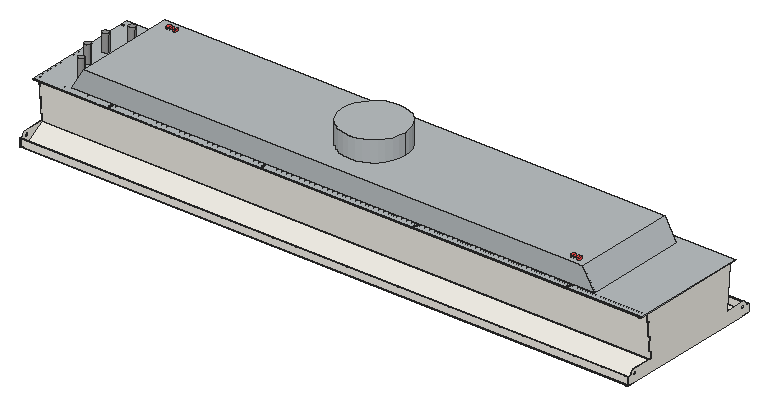
Revit family "NLRS_57_AIR_UN_induction-unit-okni300_LT_sacs", category Mechanical Equipment, Revit 2020
Family settings
  Round Connector Dimension = Use Diameter
  Classification = None
  Part Type = Normal
  OmniClass Number = 23.75.00.00
  OmniClass Title = Climate Control (HVAC)
  Work Plane-Based = No
  Always vertical = Yes
  Cut with Voids When Loaded = No
  Shared = No
  Room Calculation Point = No
Parameters (values of type "300-1200")
  sa [instance] = "https://selectietool.solid-air.nl/Dashboard/CPMDashPage/Show/6"
  Type Comments = "Do not mirror the model!"  # constant formula
  SACS_Type_Toggle = no
  SACS_Type_Mark [instance] = ""
  SACS_Standard_Color [instance] = yes
  SACS_Real_Width = 295.00 mm  # constant formula
  SACS_Real_Length [instance] = if(Requested length < SACS_Length_X2, SACS_Length_X2, if(Requested length > 2995.00 mm, 2995.00 mm, Requested length))  # 1195.00 mm
  SACS_Plenum_Offset = 580.00 mm
  SACS_Plenum_Material = Sendzimir verzinkt
  SACS_Plenum_L = 980.00 mm
  SACS_Option_4 [instance] = if([Flow configuration (1-3)] < 2, "2-sided", if([Flow configuration (1-3)] = 2, "1-sided left", "1-sided right"))  # "2-sided"
  SACS_Option_2 [instance] = if(Extravent, "BD", if([Nozzle plate type (1-7)] < 2, "A1", if([Nozzle plate type (1-7)] = 2, "A2", if([Nozzle plate type (1-7)] = 3, "B1", if([Nozzle plate type (1-7)] = 4, "B2", if([Nozzle plate type (1-7)] = 5, "B3", if([Nozzle plate type (1-7)] = 6, "C1", "C2")))))))  # "A1"
  SACS_Offset2 = if(SACS_Base_Index < 4, 55.00 mm, 35.00 mm)  # 55.00 mm
  SACS_Offset1 = if(SACS_Base_Index < 4, 35.00 mm, 55.00 mm)  # 35.00 mm
  SACS_Model [instance] = size_lookup(SACS_Data_Hidden, "Model", "NB", SACS_Base_Index * 1.00 mm, SACS_Index1, SACS_Index2, SACS_Index3, SACS_Index4, SACS_Real_Width, SACS_Index5, SACS_Index6)  # "OKNI 300/1200 A1K2 TO31 O1O 295x1195 RAL9010-55"
  SACS_Logo_X [instance] = SACS_Plenum_L / 2 - 25.00 mm  # 465.00 mm
  SACS_Length_X2 = 1140.00 mm
  SACS_Length_X [instance] = if(or(SACS_Base_Index > 4, and(Extravent, SACS_Base_Index = 3)), 300.00 mm, 225.00 mm)  # 225.00 mm
  SACS_Length_STD = 1195.00 mm
  SACS_Index6 [instance] = if(SACS_Standard_Color, 1.00 mm, 0.00 mm)  # 1.00 mm
  SACS_Index5 [instance] = if(SACS_Real_Length = SACS_Length_STD, SACS_Length_STD, 0.00 mm)  # 1195.00 mm
  SACS_Index4 [instance] = if([Plenum type (1-3)] < 2, 1.00 mm, if([Plenum type (1-3)] = 2, 2.00 mm, 3.00 mm))  # 1.00 mm
  SACS_Index3 [instance] = if([Flow configuration (1-3)] < 2, 1.00 mm, if([Flow configuration (1-3)] = 2, 2.00 mm, 3.00 mm))  # 1.00 mm
  SACS_Index2 [instance] = if([Heat exchanger type (1-3)] < 2, 1.00 mm, if([Heat exchanger type (1-3)] = 2, 2.00 mm, 3.00 mm))  # 1.00 mm
  SACS_Index1 [instance] = if(Extravent, 0.00 mm, if([Nozzle plate type (1-7)] < 2, 1.00 mm, if([Nozzle plate type (1-7)] > 6, 7.00 mm, [Nozzle plate type (1-7)] * 1.00 mm)))  # 1.00 mm
  SACS_Height2 [instance] = if(or(Extravent, SACS_Base_Index > 4), 60.00 mm, 40.00 mm)  # 40.00 mm
  SACS_Height1 [instance] = if(or(and(not(Extravent), SACS_Base_Index < 4), SACS_Base_Index < 3), 235.00 mm, 270.00 mm)  # 235.00 mm
  SACS_Flange_Color [instance] = RAL9010
  SACS_Face_Color [instance] = RAL9010 Perforated
  SACS_Data_Hidden [instance] = if(Extravent, "OKNI_Extravent", "OKNI_Fixed")  # "OKNI_Fixed"
  SACS_Custom_Color [instance] = ""
  SACS_Connector_Base_Rotation [instance] = if([Plenum type (1-3)] < 2, 90.00°, if([Plenum type (1-3)] = 2, 180.00°, 0.00°))  # 90.00°
  SACS_Connecter_Height_Offset [instance] = if([Plenum type (1-3)] > 1, (SACS_Height1 - SACS_Diameter / 2) - 2.00 mm, SACS_Height2 + 6.00 mm)  # 46.00 mm
  SACS_Color_Ral [instance] = yes
  SACS_Color [instance] = if(SACS_Standard_Color, "Ral 9010-55", SACS_Custom_Color)  # "Ral 9010-55"
  SACS_Base_Index = 1
  SACS_Article_Code [instance] = size_lookup(SACS_Data_Hidden, "", "NB", SACS_Base_Index * 1.00 mm, SACS_Index1, SACS_Index2, SACS_Index3, SACS_Index4, SACS_Real_Width, SACS_Index5, SACS_Index6)  # "9001000900"
  NLRS_P_c04_diameter [instance] = NLRS_P_c03_diameter  # 12.00 mm
  NLRS_P_c03_volumestroom [instance] = 0.0 L/s
  NLRS_P_c03_drukverlies_statisch [instance] = 0.0 Pa
  NLRS_P_c03_diameter [instance] = 12.00 mm  # constant formula
  NLRS_P_c02_diameter [instance] = NLRS_P_c01_diameter  # 12.00 mm
  NLRS_P_c01_volumestroom [instance] = 0.0 L/s
  NLRS_P_c01_drukverlies_statisch [instance] = 0.0 Pa
  NLRS_P_c01_diameter [instance] = if(SACS_Base_Index < 3, 12.00 mm, 15.00 mm)  # 12.00 mm
  NLRS_M_c01_drukverlies_statisch [instance] = 0.0 Pa
  NLRS_M_c01_debiet [instance] = 0.0 L/s
  NLRS_C_model [instance] = SACS_Model  # "OKNI 300/1200 A1K2 TO31 O1O 295x1195 RAL9010-55"
  NLRS_C_materiaal_kleur [instance] = SACS_Color  # "Ral 9010-55"
  NLRS_C_content_versie = "3.20.02"  # constant formula
  NLRS_C_content_provider = "Solid Air Climate Solutions"  # constant formula
  NLRS_C_content_datum_uitgifte = "02-06-2023"  # constant formula
  NLRS_C_content_creator = "J. Feeke"  # constant formula
  Minumum length OKNI [instance] = SACS_Length_X2  # 1140.00 mm
  LoadBearing = 1 = 0  # no
  IfcExportType = ""
  IfcExportAs = ""
  IfcDescription = ""
  Heat exchanger type (1-3) [instance] = 1
  Nozzle plate type (1-7) [instance] = 1
  Plenum type (1-3) [instance] = 1
  Flow configuration (1-3) [instance] = 1
  Requested length [instance] = 1195.00 mm
  URL = "https://solid-air.nl/producten/solid-air-inductie-units-okni/"
  SACS_Option_3 [instance] = if([Heat exchanger type (1-3)] < 2, "K (cooling)", if([Heat exchanger type (1-3)] = 2, "V (cooling & heating)", "O (none)"))  # "K (cooling)"
  SACS_Option_1 [instance] = if(not(Extravent), "Fixed", "Adjustable")  # "Fixed"
  SACS_Diameter [instance] = NLRS_M_c01_diameter - 2.00 mm  # 123.00 mm
  SACS_Connection_Side [instance] = if([Plenum type (1-3)] < 2, "T (top connection)", if([Plenum type (1-3)] = 2, "L (left)", "R (right)"))  # "T (top connection)"
  SACS_Checked_Array_Count [instance] = if(SACS_Real_Length / 300.00 mm < 2, 2, SACS_Real_Length / 300.00 mm)  # 4
  NLRS_M_c01_diameter [instance] = if(or(SACS_Base_Index < 3, and(SACS_Base_Index < 4, not(Extravent))), 125.00 mm, 160.00 mm)  # 125.00 mm
  FireRating = "00"  # constant formula
  Description = "Induction unit for use in modular ceilings, Type OKNI 300"  # constant formula
  Default Elevation = 0.00 mm
  Ceiling raster width [instance] = SACS_Real_Width + 5.00 mm  # 300.00 mm
  Ceiling raster length [instance] = SACS_Real_Length + 5.00 mm  # 1200.00 mm
  Assembly Code = "57.00"
  Extravent [instance] = no
Types (6, lengths in mm): name | SACS_Real_Length | SACS_Plenum_Offset | SACS_Plenum_L | SACS_Offset2 | SACS_Offset1 | SACS_Model | SACS_Logo_X | SACS_Length_X2 | SACS_Length_X | SACS_Length_STD | SACS_Index5 | SACS_Height2 | SACS_Height1 | SACS_Connecter_Height_Offset | SACS_Base_Index | SACS_Article_Code | NLRS_P_c02_diameter | NLRS_P_c01_diameter | NLRS_C_model | Minumum length OKNI | Requested length | SACS_Diameter | SACS_Checked_Array_Count | NLRS_M_c01_diameter | Ceiling raster length
  (no name) | 1195.00 | 580.00 | 980.00 | 55.00 | 35.00 | "OKNI 300/1200 A1K2 TO31 O1O 295x1195 RAL9010-55" | 465.00 | 1140.00 | 225.00 | 1195.00 | 1195.00 | 40.00 | 235.00 | 46.00 | 1 | "9001000900" | 12.00 | 12.00 | "OKNI 300/1200 A1K2 TO31 O1O 295x1195 RAL9010-55" | 1140.00 | 1195.00 | 123.00 | 4 | 125.00 | 1200.00
  300-1200 | 1195.00 | 580.00 | 980.00 | 55.00 | 35.00 | "OKNI 300/1200 A1K2 TO31 O1O 295x1195 RAL9010-55" | 465.00 | 1140.00 | 225.00 | 1195.00 | 1195.00 | 40.00 | 235.00 | 46.00 | 1 | "9001000900" | 12.00 | 12.00 | "OKNI 300/1200 A1K2 TO31 O1O 295x1195 RAL9010-55" | 1140.00 | 1195.00 | 123.00 | 4 | 125.00 | 1200.00
  300-1500 | 1495.00 | 730.00 | 1280.00 | 55.00 | 35.00 | "OKNI 300/1500 A1K2 TO31 O1O 295x1495 RAL9010-55" | 615.00 | 1440.00 | 225.00 | 1495.00 | 1495.00 | 40.00 | 235.00 | 46.00 | 2 | "9001000901" | 12.00 | 12.00 | "OKNI 300/1500 A1K2 TO31 O1O 295x1495 RAL9010-55" | 1440.00 | 1495.00 | 123.00 | 5 | 125.00 | 1500.00
  300-1800 | 1795.00 | 845.00 | 1510.00 | 55.00 | 35.00 | "OKNI 300/1800 A1K2 TO31 O1O 295x1795 RAL9010-55" | 730.00 | 1670.00 | 225.00 | 1795.00 | 1795.00 | 40.00 | 235.00 | 46.00 | 3 | "9001000187" | 15.00 | 15.00 | "OKNI 300/1800 A1K2 TO31 O1O 295x1795 RAL9010-55" | 1670.00 | 1795.00 | 123.00 | 6 | 125.00 | 1800.00
  300-2400 | 2395.00 | 1170.00 | 2110.00 | 35.00 | 55.00 | "OKNI 300/2400 A1K2 TO42 O1O 295x2395 RAL9010-55" | 1030.00 | 2295.00 | 225.00 | 2395.00 | 2395.00 | 40.00 | 270.00 | 46.00 | 4 | "NB" | 15.00 | 15.00 | "OKNI 300/2400 A1K2 TO42 O1O 295x2395 RAL9010-55" | 2295.00 | 2395.00 | 158.00 | 8 | 160.00 | 2400.00
  300-3000 | 2995.00 | 1470.00 | 2710.00 | 35.00 | 55.00 | "OKNI 300/3000 A1K2 TO42 O1O 295x2995 RAL9010-55" | 1330.00 | 2895.00 | 300.00 | 2995.00 | 2995.00 | 60.00 | 270.00 | 66.00 | 5 | "NB" | 15.00 | 15.00 | "OKNI 300/3000 A1K2 TO42 O1O 295x2995 RAL9010-55" | 2895.00 | 2995.00 | 158.00 | 10 | 160.00 | 3000.00
Reference planes
  plane 1 "Center (Front/Back)": y = 0
  plane 2: z = 0
  plane 3 "Center (Left/Right)": x = 0
  plane 4 "Grid_Length_Left": x = -600
  plane 5 "Grid_Length_Right": x = 600
  plane 6 "Front": y = -147.5
  plane 7 "Line_Offset": z = 46
  plane 8 "Back": y = 147.5
  plane 9: x = -597.5
  plane 10: x = 597.5
  plane 11 "Left Holes": x = -450
  plane 12 "Hole_offset": x = -150
  plane 13 "Center_Plenum_X": x = -20
  plane 14 "Grid_Width_Back": y = 150
  plane 15 "Grid_Width_Front": y = -150
Forms (mm)
  Extrusion 1, solid, material "RAL9010 Perforated" <- "SACS_Face_Color", detail levels medium+fine
    sketch origin (-72.5, 50, 0) x (1, 0, 0) y (0, 1, 0)
      loop
        line (-524, 22.4) -> (-524, -122.4) -> (669, -122.4) -> (669, 22.4) -> (-524, 22.4)
    from 1 to 2
  Extrusion 2, solid, material "Sendzimir verzinkt" <- "SACS_Plenum_Material", detail levels medium+fine
    sketch origin (0, 0, 0) x (1, 0, 0) y (0, 1, 0)
      loop
        line (-597.5, 115) -> (-597.5, -115) -> (597.5, -115) -> (597.5, 115) -> (-597.5, 115)
    from 106.01 to 107.01
  Extrusion 3, solid, material "Copper", detail levels medium+fine
    sketch origin (0, 0, 0) x (1, 0, 0) y (0, 1, 0)
      loop
        circle (-545, 62.5) r 6
      loop
        circle (-565, 22.5) r 6
      loop
        circle (-565, -22.5) r 6
      loop
        circle (-545, -62.5) r 6
    from 106.01 to 139.51
  Sweep 4, solid, material "RAL9010" <- "SACS_Flange_Color", detail levels medium+fine
    path in 3D
      loop
        line (-596.5, 0, 0) -> (596.5, 0, 0)
    profile "profile okni_Side 300 : profile okni_Side 300" origin (0, 0, 0) x (0, 1, 0) y (0, 0, 1)
      loop
        line (-72.4, 1) -> (-72.4, 2) -> (-93.499, 2)
        arc (-93.499, 2) -> (-94.222, 2.55) -> (-93.886, 3.393) r 0.75
        line (-93.886, 3.393) -> (-76.909, 13.59)
        arc (-76.909, 13.59) -> (-76.287, 14.228) -> (-76.06, 15.09) r 1.75
        line (-76.06, 15.09) -> (-76.06, 75) -> (-77.06, 75) -> (-77.06, 14.665) -> (-91.755, 5.839) -> (-94.375, 4.266)
        arc (-94.375, 4.266) -> (-95.19, 2.297) -> (-93.5, 1) r 1.75
        line (-93.5, 1) -> (-72.4, 1)
      loop
        arc (-147.5, 1.75) -> (-146.987, 0.513) -> (-145.75, 0) r 1.75
        line (-145.75, 0) -> (-134.01, 0)
        arc (-134.01, 0) -> (-133.542, 0.064) -> (-133.109, 0.25) r 1.75
        line (-133.109, 0.25) -> (-123.733, 5.839) -> (-95.049, 22.94)
        arc (-95.049, 22.94) -> (-94.398, 23.632) -> (-94.204, 24.562) r 1.75
        line (-94.204, 24.562) -> (-100.204, 104.372)
        arc (-100.204, 104.372) -> (-100.757, 105.53) -> (-101.95, 106) r 1.75
        line (-101.95, 106) -> (-115.15, 106) -> (-115.15, 105) -> (-101.95, 105)
        arc (-101.95, 105) -> (-101.44, 104.8) -> (-101.202, 104.306) r 0.75
        line (-101.202, 104.306) -> (-95.202, 24.496)
        arc (-95.202, 24.496) -> (-95.284, 24.094) -> (-95.566, 23.796) r 0.75
        line (-95.566, 23.796) -> (-133.803, 1) -> (-145.75, 1)
        arc (-145.75, 1) -> (-146.28, 1.22) -> (-146.5, 1.75) r 0.75
        line (-146.5, 1.75) -> (-146.5, 16) -> (-147.5, 16) -> (-147.5, 1.75)
      loop
        line (72.4, 1) -> (93.5, 1)
        arc (93.5, 1) -> (95.19, 2.297) -> (94.375, 4.266) r 1.75
        line (94.375, 4.266) -> (91.755, 5.839) -> (77.06, 14.665) -> (77.06, 75) -> (76.06, 75) -> (76.06, 15.09)
        arc (76.06, 15.09) -> (76.287, 14.228) -> (76.909, 13.59) r 1.75
        line (76.909, 13.59) -> (93.886, 3.393)
        arc (93.886, 3.393) -> (94.222, 2.55) -> (93.499, 2) r 0.75
        line (93.499, 2) -> (72.4, 2) -> (72.4, 1)
      loop
        line (147.5, 1.75) -> (147.5, 16) -> (146.5, 16) -> (146.5, 1.75)
        arc (146.5, 1.75) -> (146.28, 1.22) -> (145.75, 1) r 0.75
        line (145.75, 1) -> (133.803, 1) -> (95.566, 23.796)
        arc (95.566, 23.796) -> (95.284, 24.094) -> (95.202, 24.496) r 0.75
        line (95.202, 24.496) -> (101.202, 104.306)
        arc (101.202, 104.306) -> (101.44, 104.8) -> (101.95, 105) r 0.75
        line (101.95, 105) -> (115.15, 105) -> (115.15, 106) -> (101.95, 106)
        arc (101.95, 106) -> (100.757, 105.53) -> (100.204, 104.372) r 1.75
        line (100.204, 104.372) -> (94.204, 24.562)
        arc (94.204, 24.562) -> (94.398, 23.632) -> (95.049, 22.94) r 1.75
        line (95.049, 22.94) -> (123.733, 5.839) -> (133.109, 0.25)
        arc (133.109, 0.25) -> (133.542, 0.064) -> (134.01, 0) r 1.75
        line (134.01, 0) -> (145.75, 0)
        arc (145.75, 0) -> (146.987, 0.513) -> (147.5, 1.75) r 1.75
  Extrusion 5, solid, material "Sendzimir verzinkt" <- "SACS_Plenum_Material", detail levels medium+fine
    sketch origin (-20, 0, 146) x (1, 0, 0) y (0, 1, 0)
      loop
        circle (0, 0.066) r 61.5
    from 0 to 40
Lines and regions (mm)
  model lines, style "MechanicalEquipmentHiddenLines", not visible
    curve 1: line (-596.5, 0, 0) -> (596.5, 0, 0)
  sketch lines
    curve 2: line (-596.5, 0, 0) -> (596.5, 0, 0)
  reference lines
    curve 3: line (-20, 0, 46) -> (-20, 0, 146)
Dimensions and locks
  "SACS_Connecter_Height_Offset": plane 7 "Line_Offset" to level
  equal spacing: Extrusion 3 sketch curve, plane 1 "Center (Front/Back)", Extrusion 3 sketch curve  (x2)
  locked: Extrusion 3 sketch curve to Extrusion 3 sketch curve at 45
  "SACS_Offset1": plane 4 "Grid_Length_Left" to Extrusion 3 sketch curve  (x2)
  locked: Extrusion 3 sketch curve to Extrusion 3 sketch curve at 125
  locked: plane 1 "Center (Front/Back)" to Extrusion 1 sketch curve at 72.4  (x2)
  locked: Extrusion 1 sketch curve to plane 5 "Grid_Length_Right" at 3.5
  locked: plane 4 "Grid_Length_Left" to Extrusion 1 sketch curve at 3.5
  equal spacing: plane 4 "Grid_Length_Left", plane 3 "Center (Left/Right)", plane 5 "Grid_Length_Right"
  "Ceiling raster length": plane 4 "Grid_Length_Left" to plane 5 "Grid_Length_Right"
  locked: plane 4 "Grid_Length_Left" to plane 11 "Left Holes" at 150
  locked: plane 11 "Left Holes" to plane 12 "Hole_offset" at 300
  equal spacing: group 1, group 2, group 3, group 4  (x3)
  "SACS_Offset2": plane 4 "Grid_Length_Left" to Extrusion 3 sketch curve  (x2)
  locked: plane 4 "Grid_Length_Left" to plane 9 at 2.5
  locked: plane 10 to plane 5 "Grid_Length_Right" at 2.5
  Extrusion 2 sketch curve to plane 1 "Center (Front/Back)" to Extrusion 2 sketch curve = 115.00 mm locked, 115.00 mm locked
  locked: curve 1 to plane 5 "Grid_Length_Right" at 3.5
  locked: curve 1 to plane 4 "Grid_Length_Left" at 3.5
  "SACS_Plenum_Offset": plane 4 "Grid_Length_Left" to plane 13 "Center_Plenum_X"
  locked: curve 3 to curve 3 at 100
  locked: curve 3 to plane 7 "Line_Offset"
  locked: curve 3 to plane 1 "Center (Front/Back)"
  nested 7 to level = 146.00 mm
  equal spacing: plane 14 "Grid_Width_Back", plane 1 "Center (Front/Back)", plane 15 "Grid_Width_Front"
  "Ceiling raster width": plane 14 "Grid_Width_Back" to plane 15 "Grid_Width_Front"
  locked: plane 14 "Grid_Width_Back" to plane 8 "Back" at 2.5
  locked: plane 6 "Front" to plane 15 "Grid_Width_Front" at 2.5
  "SACS_Logo_X": nested 9 to plane 13 "Center_Plenum_X"
  locked: plane 1 "Center (Front/Back)" to nested 9 at 85
  "SACS_Logo_X": plane 13 "Center_Plenum_X" to nested 10
  locked: nested 10 to plane 1 "Center (Front/Back)" at 85
  "NLRS_P_c01_diameter": diameter of Extrusion 3 sketch curve  (x2)
  "NLRS_P_c03_diameter": diameter of Extrusion 3 sketch curve  (x2)
  "SACS_Diameter": diameter of Extrusion 5 sketch curve
  "SACS_Connector_Base_Rotation": angle curve 3 to plane 7 "Line_Offset"
  aligned and locked: level to plane 2
  aligned and locked: plane 11 "Left Holes" to nested 1
  aligned and locked: plane 12 "Hole_offset" to nested 2
  aligned and locked: Extrusion 2 sketch curve to plane 10
  aligned and locked: plane 9 to Extrusion 2 sketch curve
  aligned and locked: plane 10 to nested 6
  aligned and locked: nested 5 to plane 9
  aligned and locked: plane 13 "Center_Plenum_X" to nested 7
  aligned and locked: plane 1 "Center (Front/Back)" to nested 7
  aligned and locked: plane 3 "Center (Left/Right)" to nested 8
  aligned and locked: nested 8 to plane 1 "Center (Front/Back)"
Automatic sketch dimensions
  plane 1 "Center (Front/Back)" to curve 1 = 0.00 mm
  Extrusion 5 sketch curve to plane 13 "Center_Plenum_X" = 0.00 mm
  Extrusion 5 sketch curve to plane 1 "Center (Front/Back)" = 0.066 mm
Nested families
  nested 1: "Okni_hanger_holes" at (-450, 0, 107.01), type "Okni_hanger_holes"
    with Thickness 2.00 mm, Hole_R 3.00 mm, Distance 219.00 mm
  nested 2: "Okni_hanger_holes" at (-150, 0, 107.01), type "Okni_hanger_holes"
    with Thickness 2.00 mm, Hole_R 3.00 mm, Distance 219.00 mm
  nested 3: "Okni_hanger_holes" at (150, 0, 107.01), type "Okni_hanger_holes"
    with Thickness 2.00 mm, Hole_R 3.00 mm, Distance 219.00 mm
  nested 4: "Okni_hanger_holes" at (450, 0, 107.01), type "Okni_hanger_holes"
    with Thickness 2.00 mm, Hole_R 3.00 mm, Distance 219.00 mm
  nested 5: "Okni_Sideplate" at (-596.5, 0, 0) x (-1, 0, 0) z (0, 0, 1), type "Okni_Sideplate", detail levels medium+fine
  nested 6: "Okni_Sideplate" at (596.5, 0, 0), type "Okni_Sideplate", detail levels medium+fine
  nested 7: "Okni_Plenum" at (-20, 0, 106), type "Okni_Plenum", detail levels medium+fine
    with Type_Left no, Show_Plenum no, Plenum_Base_Height 40.00 mm, Plenum_Base_Angle 60.00°, Connection_Type 1, Angle_Right 40.00°, Angle_Left 90.00°
  nested 8: "Supply_Arrows_OKNI" at (0, 0, 0) x (0, 1, 0) z (0, 0, 1), type "Supply_Arrows_OKNI"
  nested 9: "logo_single" at (-485, 85, 146), type "logo_single"
  nested 10: "logo_single" at (445, -85, 146), type "logo_single"
Connectors
  hvac at (-20, 0.066, 146), driven by "NLRS_M_c01_drukverlies_statisch", driven by "NLRS_M_c01_debiet", driven by "NLRS_M_c01_diameter"
    settings: on Extrusion 5, index 1, duct flow 0.0 L/s, flow factor 0, pres drop 0.0 Pa, loss coef 0, conn angle 0.00°, conn width 304.8 mm, conn height 304.8 mm, conn diameter 125 mm, duct sys type 1, conn prof type 0, flow config 1, flow direction 1, loss method 4, conn ref index -1, conn util no, is conn primary yes, conn desc ""
  piping at (-565, 22.5, 139.51), diameter 12, driven by "NLRS_P_c01_diameter", driven by "NLRS_P_c01_volumestroom", driven by "NLRS_P_c01_drukverlies_statisch"
    settings: on Extrusion 3, index 2, connector inside diameter 609.6 mm, connector length 0.00 mm, flow factor 0, pipe flow 0.0 L/s, pressure drop 0.0 Pa, fitting loss kfactor 0, connector angle 0.00°, fixture units 0, engagement length 0.00 mm, angle of deflection 0.00°, flow configuration 1, flow direction 0, fitting loss method 4, system type 29, joint type 0, gender type 0, connector reference index -1, connector utility 0, adjustable connector no, is connector primary yes, connector description "Heating"
  piping at (-565, -22.5, 139.51), diameter 12, driven by "NLRS_P_c01_diameter", driven by "NLRS_P_c01_volumestroom", driven by "NLRS_P_c01_drukverlies_statisch"
    settings: on Extrusion 3, index 3, connector inside diameter 609.6 mm, connector length 0.00 mm, flow factor 0, pipe flow 0.0 L/s, pressure drop 0.0 Pa, fitting loss kfactor 0, connector angle 0.00°, fixture units 0, engagement length 0.00 mm, angle of deflection 0.00°, flow configuration 1, flow direction 0, fitting loss method 4, system type 29, joint type 0, gender type 0, connector reference index -1, connector utility 0, adjustable connector no, is connector primary no, connector description "Heating"
  piping at (-545, 62.5, 139.51), diameter 12, driven by "NLRS_P_c03_diameter", driven by "NLRS_P_c03_volumestroom", driven by "NLRS_P_c03_drukverlies_statisch"
    settings: on Extrusion 3, index 4, connector inside diameter 609.6 mm, connector length 0.00 mm, flow factor 0, pipe flow 0.0 L/s, pressure drop 0.0 Pa, fitting loss kfactor 0, connector angle 0.00°, fixture units 0, engagement length 0.00 mm, angle of deflection 0.00°, flow configuration 1, flow direction 0, fitting loss method 4, system type 29, joint type 0, gender type 0, connector reference index -1, connector utility 0, adjustable connector no, is connector primary no, connector description "Cooling"
  piping at (-545, -62.5, 139.51), diameter 12, driven by "NLRS_P_c03_diameter", driven by "NLRS_P_c03_volumestroom", driven by "NLRS_P_c03_drukverlies_statisch"
    settings: on Extrusion 3, index 5, connector inside diameter 609.6 mm, connector length 0.00 mm, flow factor 0, pipe flow 0.0 L/s, pressure drop 0.0 Pa, fitting loss kfactor 0, connector angle 0.00°, fixture units 0, engagement length 0.00 mm, angle of deflection 0.00°, flow configuration 1, flow direction 0, fitting loss method 4, system type 29, joint type 0, gender type 0, connector reference index -1, connector utility 0, adjustable connector no, is connector primary no, connector description "Cooling"
Definition of nested family "Okni_Sideplate"
  Parameters (values of type "Okni_Sideplate")
    material = none
    Type_400 = no
    Half_Width = if(Type_400, 393.00 mm, 293.00 mm) / 2  # 146.50 mm
    Default Elevation = 0.00 mm
  Reference planes
    plane 1 "Center (Front/Back)": y = 0
    plane 2: z = 0
    plane 3 "Center (Left/Right)": x = 0
  Forms (mm)
    Extrusion 1, solid, material <- "material"
      sketch origin (0, 0, 0) x (0, 1, 0) y (0, 0, 1)
        loop
          line (0, 0) -> (131.43, 0) -> (131.43, 1) -> (146.5, 1) -> (146.5, 16.22) -> (140.63, 16.22) -> (140.63, 20.55) -> (136.63, 24.55) -> (94.02, 24.55) -> (100.14, 106.01) -> (0, 106.01) -> (-100.14, 106.01) -> (-94.02, 24.55) -> (-136.63, 24.55) -> (-140.63, 20.55) -> (-140.63, 16.22) -> (-146.5, 16.22) -> (-146.5, 1) -> (-131.43, 1) -> (-131.43, 0) -> (0, 0)
        loop
          circle (132.5, 16.5) r 4
        loop
          circle (-132.5, 16.5) r 4
      from 0 to 1
    Extrusion 2, solid, material <- "material"
      sketch origin (0, 0, 0) x (1, 0, 0) y (0, 1, 0)
        loop
          line (-11, 131.43) -> (-11, -131.43) -> (0, -131.43) -> (0, 131.43) -> (-11, 131.43)
      from 0 to 1
  Cuts and joins
    joined: Extrusion 1, Extrusion 2
  Dimensions and locks
    locked: Extrusion 1 sketch curve to Extrusion 1 sketch curve at 1  (x2)
    locked: Extrusion 1 sketch curve to Extrusion 1 sketch curve at 16.22  (x2)
    locked: Extrusion 1 sketch curve to Extrusion 1 sketch curve at 24.55  (x2)
    locked: Extrusion 1 sketch curve to Extrusion 1 sketch curve at 20.55  (x2)
    locked: Extrusion 1 sketch curve to Extrusion 1 sketch curve at 106.01  (x2)
    Extrusion 1 sketch curve to plane 1 "Center (Front/Back)" to Extrusion 1 sketch curve = 100.14 mm locked, 100.14 mm locked
    Extrusion 1 sketch curve to plane 1 "Center (Front/Back)" to Extrusion 1 sketch curve = 140.63 mm locked, 140.63 mm locked
    Extrusion 1 sketch curve to plane 1 "Center (Front/Back)" to Extrusion 1 sketch curve = 131.43 mm locked, 131.43 mm locked
    "Half_Width": Extrusion 1 sketch curve to plane 1 "Center (Front/Back)" to Extrusion 1 sketch curve
    locked: Extrusion 2 sketch curve to plane 3 "Center (Left/Right)" at 11
    locked: plane 1 "Center (Front/Back)" to Extrusion 2 sketch curve at 131.43
    locked: Extrusion 2 sketch curve to plane 1 "Center (Front/Back)" at 131.43
    locked: Extrusion 1 sketch curve to level at 16.5  (x2)
    locked: Extrusion 1 sketch curve to plane 1 "Center (Front/Back)" at 132.5
    locked: plane 1 "Center (Front/Back)" to Extrusion 1 sketch curve at 132.5
    aligned and locked: level to plane 2
  Automatic sketch dimensions
    Extrusion 2 sketch curve to plane 3 "Center (Left/Right)" = 0.00 mm
    Extrusion 1 sketch curve to plane 1 "Center (Front/Back)" = 0.00 mm  (x2)
    Extrusion 1 sketch curve to level = 0.00 mm
    Extrusion 1 sketch curve to Extrusion 1 sketch curve = 4.00 mm  (x2)
    Extrusion 1 sketch curve to Extrusion 1 sketch curve = 38.48 mm  (x2)
    radius of Extrusion 1 sketch curve = 4.00 mm  (x2)
Definition of nested family "Okni_Plenum"
  Parameters (values of type "Okni_Plenum")
    material = none
    Type_Left = Connection_Type = 2  # yes
    Show_Plenum = Connection_Type > 1  # yes
    Plenum_Width = 225.00 mm
    Plenum_Top_Height = Plenum_H - 106.00 mm  # 129.00 mm
    Plenum_H = 235.00 mm
    Plenum_Base_Width = 980.00 mm
    Plenum_Base_Height = 60.00 mm
    Plenum_Base_Angle = if(Plenum_Base_Height = 40.00 mm, 60.00°, 69.00°)  # 69.00°
    Default Elevation = 0.00 mm
    Connection_Type = 2
    Angle_Right = if(Type_Left, 90.00°, 40.00°)  # 90.00°
    Angle_Left = if(Type_Left, 40.00°, 90.00°)  # 40.00°
  Reference planes
    plane 1 "Center (Front/Back)": y = 0
    plane 2: z = 0
    plane 3 "Center (Left/Right)": x = 0
    plane 4: y = 100
    plane 5: y = -100
    plane 6: z = 129
    plane 7: x = -112.5
    plane 8: x = 112.5
    plane 9 "left": x = -490
    plane 10: x = 490
    plane 11: z = 60
  Forms (mm)
    Extrusion 1, solid, material <- "material", visible <- "Show_Plenum"
      sketch origin (0, 0, 40) x (0, 1, 0) y (0, 0, 1)
        loop
          line (100, 20) -> (17.769, 89) -> (-100, 89) -> (-100, 20) -> (100, 20)
      from -112.5 to 112.5
    Extrusion 2, solid, material <- "material"
      sketch origin (0, 0, 0) x (1, 0, 0) y (0, 0, 1)
        loop
          line (-490, 60) -> (-513.032, 0) -> (513.032, 0) -> (490, 60) -> (-490, 60)
      from -100 to 100
  Dimensions and locks
    locked: plane 4 to plane 1 "Center (Front/Back)" at 100
    locked: plane 1 "Center (Front/Back)" to plane 5 at 100
    equal spacing: plane 7, plane 3 "Center (Left/Right)", plane 8
    "Plenum_Width": plane 7 to plane 8
    equal spacing: plane 9 "left", plane 3 "Center (Left/Right)", plane 10
    "Plenum_Base_Width": plane 9 "left" to plane 10
    "Plenum_Base_Height": plane 11 to level
    "Plenum_Top_Height": plane 6 to level
    "Angle_Left": angle Extrusion 1 sketch curve to Extrusion 1 sketch curve
    "Angle_Right": angle Extrusion 1 sketch curve to Extrusion 1 sketch curve
    "Plenum_Base_Angle": angle Extrusion 2 sketch curve to Extrusion 2 sketch curve  (x2)
    aligned and locked: level to plane 2
    aligned and locked: plane 6 to Extrusion 1 sketch curve
    aligned and locked: plane 5 to Extrusion 1 sketch curve
    aligned and locked: plane 4 to Extrusion 1 sketch curve
    aligned and locked: Extrusion 1 to plane 7
    aligned and locked: plane 8 to Extrusion 1
    aligned and locked: plane 9 "left" to Extrusion 2 sketch curve
    aligned and locked: plane 10 to Extrusion 2 sketch curve
    aligned and locked: Extrusion 2 to plane 4
    aligned and locked: plane 5 to Extrusion 2
    aligned and locked: Extrusion 2 to plane 5
    aligned and locked: Extrusion 1 sketch curve to plane 11
    aligned and locked: plane 11 to Extrusion 2 sketch curve
  Automatic sketch dimensions
    Extrusion 2 sketch curve to level = 0.00 mm
Definition of nested family "logo_single"
  Parameters (values of type "logo_single")
    t = 5.00 mm
    Model = "LOD 400"
    Description = "Model type"
    Default Elevation = 1219.20 mm
  Reference planes
    plane 1 "Center (Front/Back)": y = 0
    plane 2: z = 0
    plane 3 "Center (Left/Right)": x = 0
    plane 4: z = 2
    plane 5: x = -10
    plane 6: y = -5
    plane 7: y = 5
    plane 8: x = -5
    plane 9: x = 5
    plane 10: x = 10
  Forms (mm)
    Extrusion 1, solid
      sketch origin (-547.644, -297.937, 0) x (1, 0, 0) y (0, 1, 0)
        loop
          arc (542.644, 302.937) -> (537.644, 297.937) -> (542.644, 292.937) r 5
          line (542.644, 292.937) -> (542.644, 297.937) -> (547.644, 292.937) -> (547.644, 297.937) -> (542.644, 302.937)
      from 0 to 2
    Extrusion 2, solid
      sketch origin (0, 0, 0) x (1, 0, 0) y (0, 1, 0)
        loop
          arc (5, -5) -> (10, 0) -> (5, 5) r 5
          line (5, 5) -> (5, 0) -> (0, 5) -> (0, 0) -> (5, -5)
      from 0 to 2
  Dimensions and locks
    "t": plane 7 to plane 1 "Center (Front/Back)"
    "t": plane 6 to plane 1 "Center (Front/Back)"
    "t": plane 5 to plane 8
    "t": plane 8 to plane 3 "Center (Left/Right)"
    "t": plane 3 "Center (Left/Right)" to plane 9
    "t": plane 9 to plane 10
    aligned and locked: level to plane 2
    aligned and locked: plane 4 to Extrusion 1
  Automatic sketch dimensions
    plane 1 "Center (Front/Back)" to Extrusion 1 sketch curve = 0.00 mm  (x3)
    Extrusion 1 sketch curve to plane 8 = 0.00 mm
    Extrusion 1 sketch curve to plane 7 = 0.00 mm
    Extrusion 1 sketch curve to plane 3 "Center (Left/Right)" = 0.00 mm
    Extrusion 1 sketch curve to plane 6 = 0.00 mm
    Extrusion 2 sketch curve to plane 3 "Center (Left/Right)" = 0.00 mm
    plane 1 "Center (Front/Back)" to Extrusion 2 sketch curve = 0.00 mm  (x3)
    Extrusion 2 sketch curve to plane 6 = 0.00 mm
    Extrusion 2 sketch curve to plane 9 = 0.00 mm
    Extrusion 2 sketch curve to plane 7 = 0.00 mm
Definition of nested family "Supply_Arrows_OKNI"
  Parameters (values of type "Supply_Arrows_OKNI")
    Width = 295.00 mm
    Right = not(Flow Type = 2)  # yes
    Offset = (Length - ((Count - 1) * 300.00 mm)) / 2  # 147.50 mm
    Length = 1195.00 mm
    Left = Flow Type < 3  # yes
    Flow Type = 1
    Enabled = yes
    Count = rounddown((Length - 150.00 mm) / 300.00 mm) + 1  # 4
  Reference planes
    plane 1 "Center (Front/Back)": y = 0
    plane 2: z = 0
    plane 3 "Center (Left/Right)": x = 0
    plane 4: y = 597.5
    plane 5: y = 0
    plane 6: y = -597.5
    plane 7: x = 0
    plane 8: y = 0
    plane 9 "left": x = -147.5
    plane 10 "right": x = 147.5
  Lines and regions (mm)
    detail lines, in view "Ref. Level", detail levels coarse
      curve 1: line (147.5, 597.5, 0) -> (-147.5, 597.5, 0)
      curve 2: line (147.5, -597.5, 0) -> (147.5, 597.5, 0)
      curve 3: line (-147.5, -597.5, 0) -> (147.5, -597.5, 0)
      curve 4: line (-147.5, 597.5, 0) -> (-147.5, -597.5, 0)
      curve 5: line (-147.5, 597.5, 0) -> (147.5, -597.5, 0)
      curve 6: line (147.5, 597.5, 0) -> (-147.5, -597.5, 0)
  Dimensions and locks
    locked: plane 3 "Center (Left/Right)" to plane 7
    equal spacing: plane 4, plane 1 "Center (Front/Back)", plane 6
    "Length": plane 4 to plane 6
    equal spacing: plane 9 "left", plane 3 "Center (Left/Right)", plane 10 "right"
    "Width": plane 9 "left" to plane 10 "right"
    locked: plane 10 "right" to nested 1 at 25
    locked: nested 2 to plane 9 "left" at 25
    "Offset": nested 1 to plane 6
    equal spacing: group 1, group 2, group 3, group 4  (x3)
    locked: nested 1 to nested 3 at 300
    locked: plane 10 "right" to nested 3 at 25
    "Offset": nested 2 to plane 6
    equal spacing: group 5, group 6, group 7, group 8  (x3)
    locked: nested 6 to nested 2 at 300
    locked: nested 6 to plane 9 "left" at 25
    aligned and locked: plane 4 to curve 1
    aligned and locked: curve 3 to plane 6
    aligned and locked: curve 4 to plane 9 "left"
    aligned and locked: plane 6 to curve 2
    aligned and locked: plane 10 "right" to curve 2
  Nested families
    nested 1: "Arrow" at (172.5, -450, 0), visible <- "Right", type "Arrow", in view "Ref. Level"
    nested 2: "Arrow" at (-172.5, -450, 0) x (-1, 0, 0) z (0, 0, 1), visible <- "Left", type "Arrow", in view "Ref. Level"
    nested 3: "Arrow" at (172.5, -150, 0), visible <- "Right", type "Arrow", in view "Ref. Level"
    nested 4: "Arrow" at (172.5, 150, 0), visible <- "Right", type "Arrow", in view "Ref. Level"
    nested 5: "Arrow" at (172.5, 450, 0), visible <- "Right", type "Arrow", in view "Ref. Level"
    nested 6: "Arrow" at (-172.5, -150, 0) x (-1, 0, 0) z (0, 0, 1), visible <- "Left", type "Arrow", in view "Ref. Level"
    nested 7: "Arrow" at (-172.5, 150, 0) x (-1, 0, 0) z (0, 0, 1), visible <- "Left", type "Arrow", in view "Ref. Level"
    nested 8: "Arrow" at (-172.5, 450, 0) x (-1, 0, 0) z (0, 0, 1), visible <- "Left", type "Arrow", in view "Ref. Level"
  Definition of nested family "Arrow"
    Parameters (values of type "Arrow")
      Offset = 400.00 mm
      Arrow_Length = 175.00 mm  # constant formula
    Reference planes
      plane 1 "Center (Front/Back)": y = 0
      plane 2: z = 0
      plane 3 "Center (Left/Right)": x = 0
      plane 4: x = 175
      plane 5: y = 0
      plane 6: x = 175
      plane 7: x = 0
      plane 8: y = 0
    Lines and regions (mm)
      Filled region 1, type "Solid Fill - Black", in view "Ref. Level"
        outline origin (0, 0, 0) x (0, -1, 0) y (1, 0, 0)
          loop
            line (0, 175) -> (-21.131, 129.685) -> (21.131, 129.685) -> (0, 175)
      detail lines, in view "Ref. Level"
        curve 1: line (0, 0, 0) -> (152.343, 0, 0)
    Dimensions and locks
      locked: plane 3 "Center (Left/Right)" to plane 7
      locked: plane 8 to plane 1 "Center (Front/Back)" at 0
      locked: Filled region 1 sketch curve to Filled region 1 sketch curve at 50  (x2)
      "Arrow_Length": plane 3 "Center (Left/Right)" to plane 6
      locked: Filled region 1 sketch curve to curve 1 (angle 25.00°)
      locked: curve 1 to Filled region 1 sketch curve (angle 25.00°)
    Automatic sketch dimensions
      plane 1 "Center (Front/Back)" to Filled region 1 sketch curve = 0.00 mm
      Filled region 1 sketch curve to plane 4 = 45.315 mm
      plane 1 "Center (Front/Back)" to curve 1 = 0.00 mm
      curve 1 to plane 3 "Center (Left/Right)" = 0.00 mm
      curve 1 to plane 4 = 22.657 mm
